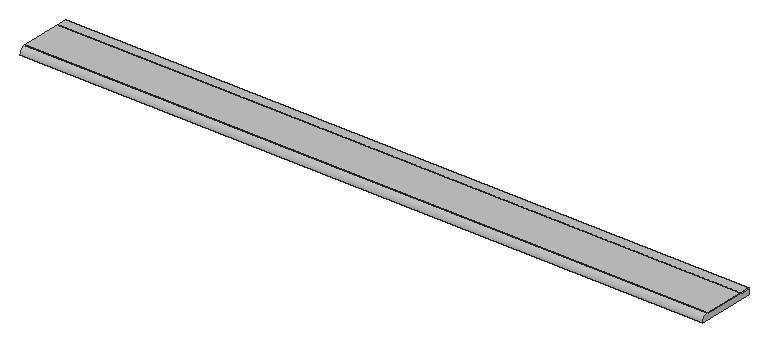
Revit family "Stair_Tread-Wooster-Cast_Nosings_Thresholds-120", category Specialty Equipment, host Face, Revit 2017
Family settings
  Host = Face
  Round Connector Dimension = Use Diameter
  Part Type = Normal
  OmniClass Number = 23.30.70.21.11.11.11
  OmniClass Title = Stair Nosings
  Cut with Voids When Loaded = No
  Shared = No
  Room Calculation Point = No
Parameters (values of type "120")
  Width [instance] = 0' - 3"  # constant formula
  Version = "2017 - v2.0a"  # constant formula
  URL = "http://www.wooster-products.com/"
  Support Phone = "(224) 699-9545"  # constant formula
  Support Email = "mailto:support@anguleris.com"
  Safety Tread [instance] = Filler - Wooster - Grey - Cast Tread
  Product Page URL = "http://www.woosterproducts.com/products/alumogrit-ferrogrit/cast-nosings/"
  Product Name = "Abrasive Cast Nosings"  # constant formula
  Product Documentation Link = "http://www.woosterproducts.com/spec/120.pdf"
  Model = "120"
  Material = ""
  Manufacturer Phone Number = "1-800-321-4936 or 330-264-2844"  # constant formula
  Manufacturer Fax Number = "330-262-4151"  # constant formula
  Manufacturer Email = "mailto:tim@wooster-products.com"
  Manufacturer Address = "1000 Spruce Street, P.O. BOX 6005, Wooster, OH. 44691"  # constant formula
  Manufacturer = "Wooster Productions Inc"  # constant formula
  Length Constraint [instance] = if(Length > 8' 6", 8' 6", Length)  # 3' - 0"
  Length [instance] = 3' - 0"
  Description = "Anti-Slip Stair Nosing"  # constant formula
  Depth = 0' - 0 5/16"  # constant formula
  Default Elevation = 0' - 0"  # constant formula
  Copyright = "Wooster Products Inc. 2019"  # constant formula
  Construction Type = "New Construction"  # constant formula
Values of the unnamed type that differ from the named types
  Support Email = ""
  Product Page URL = "http://www.wooster-products.com/Cast_Nosings_Thresholds.html"
  Product Documentation Link = "http://wooster-products.com/pub/Specs/120.pdf"
  Manufacturer Email = ""
Reference planes (in)
  plane 1 "Center (Front/Back)": y = 0
  plane 2: z = 0
  plane 3 "Center (Left/Right)": x = 0
  plane 4 "Left": x = -18
  plane 5 "Right": x = 18
  plane 6 "Back": y = 1.5
  plane 7 "Front": y = -1.5
  plane 8 "Bottom": z = -0.29687
  plane 9: y = 1
  plane 10: z = -0.04688
  plane 11: z = 0.01563
Forms (in)
  Extrusion 1, void
    sketch origin (0, 0, 0) x (1, 0, 0) y (0, 1, 0)
      loop
        line (-18, 1.5) -> (-18, -1.5) -> (18, -1.5) -> (18, 1.5) -> (-18, 1.5)
    from -0.29687 to 0
  Extrusion 2, solid, material "Filler - Wooster - Concrete"
    sketch origin (0, 0, 0) x (0, 1, 0) y (0, 0, 1)
      loop
        line (-1.50095, -0.29688) -> (1.5, -0.29688) -> (1.5, -0.04688) -> (-1.18845, -0.04688) -> (-1.18845, 0.01562)
        arc (-1.18845, 0.01562) -> (-1.40942, -0.0759) -> (-1.50095, -0.29688) r 0.3125
    from -18 to 18
  Extrusion 3, solid, material "Filler - Wooster - Concrete"
    sketch origin (0, 0, 0) x (0, 1, 0) y (0, 0, 1)
      loop
        line (1.5, 0.01562) -> (1, 0.01562) -> (1, -0.04688) -> (1.5, -0.04688) -> (1.5, 0.01562)
    from -18 to 18
  Extrusion 4, solid, material "Filler - Wooster - Grey - Cast Tread" <- "Safety Tread"
    sketch origin (0, 0, 0) x (0, 1, 0) y (0, 0, 1)
      loop
        line (1, 0.01562) -> (-1.19, 0.01562) -> (-1.19, -0.04688) -> (1, -0.04688) -> (1, 0.01562)
    from -18 to 18
Lines and regions (in)
  Masking region 1
    outline origin (0, 0, 0) x (1, 0, 0) y (0, 1, 0)
      loop
        line (-18, 1.5) -> (-18, -1.5) -> (18, -1.5) -> (18, 1.5) -> (-18, 1.5)
Dimensions and locks (in)
  equal spacing: plane 4 "Left", plane 3 "Center (Left/Right)", plane 5 "Right"
  "Length Constraint": plane 4 "Left" to plane 5 "Right"
  equal spacing: plane 7 "Front", plane 1 "Center (Front/Back)", plane 6 "Back"
  "Width": plane 7 "Front" to plane 6 "Back"
  locked: plane 6 "Back" to plane 9 at 0.5
  locked: Extrusion 4 sketch curve to plane 7 "Front" at 0.31
  "Depth": plane 11 to plane 8 "Bottom"
  locked: plane 11 to plane 10 at 0.0625
  Extrusion 2 sketch curve to Extrusion 2 sketch curve to plane 7 "Front" = 0' - 0" locked, 0' - 0.31155" locked
  locked: plane 11 to Extrusion 2 sketch curve at 0.3125
  aligned and locked: plane 2 to host face
  aligned and locked: level to host face
  aligned and locked: Extrusion 1 sketch curve to Masking region 1  (x4)
  aligned and locked: Extrusion 1 to plane 8 "Bottom"
  aligned and locked: plane 2 to Extrusion 1
  aligned and locked: Extrusion 2 to plane 4 "Left"
  aligned and locked: Extrusion 2 to plane 5 "Right"
  aligned and locked: Extrusion 2 sketch curve to plane 6 "Back"
  aligned and locked: plane 6 "Back" to Extrusion 3 sketch curve
  aligned and locked: Extrusion 3 sketch curve to plane 9
  aligned and locked: Extrusion 4 sketch curve to plane 9
  aligned and locked: Extrusion 3 to plane 4 "Left"
  aligned and locked: Extrusion 4 to plane 4 "Left"
  aligned and locked: Extrusion 3 to plane 5 "Right"
  aligned and locked: Extrusion 4 to plane 5 "Right"
  aligned and locked: Masking region 1 sketch curve to plane 6 "Back"
  aligned and locked: plane 4 "Left" to Masking region 1 sketch curve
  aligned and locked: Masking region 1 sketch curve to plane 7 "Front"
  aligned and locked: plane 5 "Right" to Masking region 1 sketch curve
  aligned and locked: plane 10 to Extrusion 4 sketch curve
  aligned and locked: plane 10 to Extrusion 3 sketch curve
  aligned and locked: Extrusion 2 sketch curve to plane 10
  aligned and locked: plane 8 "Bottom" to Extrusion 2 sketch curve
  aligned and locked: Extrusion 4 sketch curve to plane 11
  aligned and locked: Extrusion 3 sketch curve to plane 11
Automatic sketch dimensions
  host sketch curve to host sketch curve = 8' - 0"
  host sketch curve to host sketch curve = 4' - 0"
  Extrusion 2 sketch curve to plane 11 = 0' - 0"
